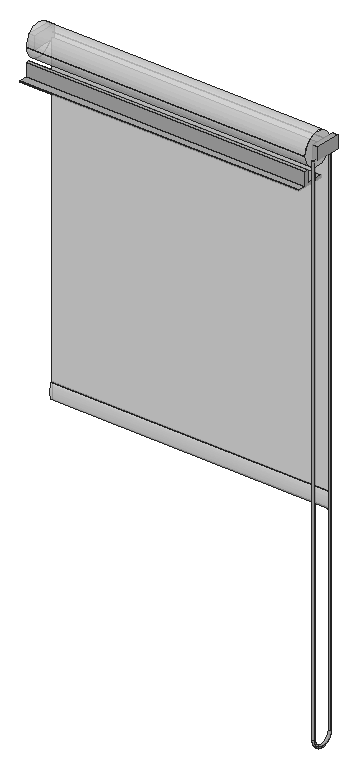
Revit family "Window-Treatment_Solar-Shade_SWFcontract_Manual-Single", category Specialty Equipment, Revit 2026
Family settings
  Round Connector Dimension = Use Diameter
  Part Type = Normal
  Classification Number = 23.30.60.14.21
  Work Plane-Based = Yes
  Enable Cutting in Views = No
  Always vertical = No
  Cut with Voids When Loaded = No
  Maintain Annotation Orientation = No
  Shared = No
  Room Calculation Point = No
Parameters
  rollrad [instance] = Roll Diameter / 2  # 0' - 1 97/128"
  pocketlipcontrol [instance] = if(Pocket with No Lip, 0' 0", 0' 0 1/2")  # 0' - 0 1/2"
  percentopen [instance] = (Unit Height - (SRoll CL Locate_Vertical + 0' 3")) - ((Unit Height - (SRoll CL Locate_Vertical + 0' 3")) * (Percent Open / 100))  # 2' - 9 1/2"
  fasciahcontrol = if(Fascia Height = 0' 0", 0' 1", Fascia Height)  # 0' - 5"
  fasciadcontrol = if(Fascia Depth = 0' 0", 0' 1", Fascia Depth)  # 0' - 3 97/128"
  exposedoverhead [instance] = and(Without Fascia, Mounted_Overhead)  # no
  exposedbracketdepth [instance] = SSExposed Bracket Height / 2  # 0' - 0 11/16"
  exposedwall [instance] = and(Without Fascia, Mounted_Wall)  # yes
  controlchainlocate = if(Blackout Option, 0' 2 1/4", 0' 0 1/4")  # 0' - 0 1/4"
  Without Fascia = yes
  With Fascia = not(Without Fascia)  # no
  Warranty Duration (Years) = 0
  Unit Width = 2' - 8"
  Unit Height = 6' - 0"
  Unit Depth = 2' - 8"
  URL = "http://www.swfcontract.com/Pages/Home.aspx"
  Specification = "http://www.arcat.com/sdspecs/htm/12490swf.htm"
  SpecWizard = "http://www.arcat.com/specwizard/clients/springsw.html?coid=46294"
  Shade Material [instance] = Fabric - SWFcontract - Solar as Specified
  Send Message = "http://www.arcat.com/users.pl?action=UserEmail&company=SWFcontract&coid=46294&rep=147&fax=&mf="
  Sales Information = "http://www.swfcontract.com/Pages/Contact-Us.aspx"
  Roll Inner Tube Diameter [instance] = 0' - 1 3/8"
  Roll Diameter [instance] = 0' - 3 33/64"
  SRoll CL Locate_Vertical = 0' - 2"
  SRoll CL Locate_Depth = 0' - 1.97363"
  Revision = "R1_03-2014"
  Projection from Host [instance] = 1' - 1"
  Product Properties = ""
  Product Data = "http://www.arcat.com/arcatcos/cos46/arc46294.html"
  Pocket with No Lip [instance] = no
  Pocket Closure Depth [instance] = 0' - 2 1/8"
  Pocket Closure = yes
  Percent Open [instance] = 50
  Mounted_Wall = yes
  Mounted_Overhead = not(Mounted_Wall)  # no
  Model = "As Specified"
  Manufacturer Website = "http://www.swfcontract.com/Pages/Home.aspx"
  Manufacturer Phone - Toll Free = "800-327-9798"
  Manufacturer Phone = ""
  Manufacturer Fax = ""
  Manufacturer Address = "7549 Graber Rd.  Middleton, WI 53562-1096"
  Manufacturer = "SWFcontract"
  Maintenance Schedule (Months) = 0
  Keynote = "12490"
  Installation-Fabrication = ""
  Installation Phase = ""
  Green Building-LEED = "http://www.arcat.com/green/clients/leed_data_46294.html"
  Fixture Material [instance] = Metal - Aluminum - SWFcontract - Finish as Specified
  Fascia Height = 0' - 5"
  Fascia Depth = 0' - 3 97/128"
  Fabric Inset = 0' - 0 9/16"
  SSExposed Bracket Height [instance] = Roll Inner Tube Diameter  # 0' - 1 3/8"
  Expected Lifespan (Years) = 0
  Drawn By = "Sumex Design, Inc. / Robert S. Weygant, CSI, CDT, SCIP"
  Description = "SWFcontract Window Treatment as Specified"
  Default Elevation = 0' - 0"
  Copyright = "©Arcat Inc."
  Control Chain Right [instance] = yes
  Control Chain Left [instance] = not(Control Chain Right)  # no
  Construction Details = "http://www.arcat.com/details/springsw/springsw.html?coid=46294"
  Blackout Option = no
  Assembly Code = "E2010320"
Reference planes (in)
  plane 1 "Vertical Surface": y = 0
  plane 2 "Bottom": z = 0
  plane 3 "Center (Left/Right)": x = 0
  plane 4 "Left": x = -16
  plane 5 "Right": x = 16
  plane 6 "Top": z = 72
  plane 7: y = -3.75781
  plane 8: z = 67
  plane 9: z = 70
  plane 10: y = -1.97363
  plane 11: x = -15.4375
  plane 12: x = 15.4375
  plane 13: z = 70.6875
  plane 14: z = 69.3125
  plane 15: z = 33.5
  plane 16: y = -2.66113
  plane 17: y = -1.28613
  plane 18: z = 67
Forms (in)
  Extrusion 1, solid, material "Fabric - SWFcontract - Solar as Specified" <- "Shade Material"
    sketch origin (0, 0, 0) x (0, 1, 0) y (0, 0, 1)
      loop
        circle (-2, 70) r 1.75781
    from -15.4375 to 15.4375
  Extrusion 2, solid, material "Metal - Aluminum - SWFcontract - Finish as Specified" <- "Fixture Material", visible <- "exposedwall"
    sketch origin (0, 0, 0) x (0, 1, 0) y (0, 0, 1)
      loop
        line (-2.66113, 69.3125) -> (0, 69.3125) -> (0, 70.6875) -> (-2.66113, 70.6875) -> (-2.66113, 69.3125)
    from 15.4375 to 16
  Extrusion 3, solid, material "Metal - Aluminum - SWFcontract - Finish as Specified" <- "Fixture Material", visible <- "exposedwall"
    sketch origin (0, 0, 0) x (0, 1, 0) y (0, 0, 1)
      loop
        line (-2.66113, 69.3125) -> (0, 69.3125) -> (0, 70.6875) -> (-2.66113, 70.6875) -> (-2.66113, 69.3125)
    from -16 to -15.4375
  Extrusion 4, solid, material "Metal - Aluminum - SWFcontract - Finish as Specified" <- "Fixture Material", visible <- "exposedoverhead"
    sketch origin (0, 0, 0) x (0, 1, 0) y (0, 0, 1)
      loop
        line (-2.66113, 69.3125) -> (-1.28613, 69.3125) -> (-1.28613, 72) -> (-2.66113, 72) -> (-2.66113, 69.3125)
    from 15.4375 to 16
  Extrusion 5, solid, material "Metal - Aluminum - SWFcontract - Finish as Specified" <- "Fixture Material", visible <- "exposedoverhead"
    sketch origin (0, 0, 0) x (0, 1, 0) y (0, 0, 1)
      loop
        line (-2.66113, 72) -> (-2.66113, 69.3125) -> (-1.28613, 69.3125) -> (-1.28613, 72) -> (-2.66113, 72)
    from -16 to -15.4375
  Sweep 6, solid, material "Metal - Aluminum - SWFcontract - Finish as Specified" <- "Fixture Material", visible <- "Control Chain Right"
    path origin (0, 0, 0) x (0, 1, 0) y (0, 0, 1)
      loop
        line (-0.75, 69.3125) -> (-0.75, 12)
        arc (-0.75, 12) -> (-1.87891, 10.87109) -> (-3.00781, 12) r 1.12891
        line (-3.00781, 12) -> (-3.00781, 69.3125)
    profile origin (0, -0.75, 40.65625) x (1, 0, 0) y (0, 1, 0)
      loop
        circle (15.75, 0) r 0.125
  Sweep 7, solid, material "Metal - Aluminum - SWFcontract - Finish as Specified" <- "Fixture Material", visible <- "Control Chain Left"
    path origin (0, 0, 0) x (0, 1, 0) y (0, 0, -1)
      loop
        line (-0.75, -69.3125) -> (-0.75, -12)
        arc (-0.75, -12) -> (-1.87891, -10.87109) -> (-3.00781, -12) r 1.12891
        line (-3.00781, -12) -> (-3.00781, -69.3125)
    profile origin (0, -0.75, 40.65625) x (-1, 0, 0) y (0, -1, 0)
      loop
        circle (15.75, 0) r 0.125
  Extrusion 8, solid, material "Fabric - SWFcontract - Solar as Specified" <- "Shade Material"
    sketch origin (0, 0, 0) x (0, 1, 0) y (0, 0, 1)
      loop
        line (-0.21582, 70) -> (-0.30957, 70) -> (-0.30957, 35.25)
        spline (-0.30957, 35.25) -> (-0.35001, 35.22019) -> (-0.38769, 35.13277) -> (-0.42005, 34.99372) -> (-0.44488, 34.8125) -> (-0.46049, 34.60147) -> (-0.46582, 34.375) -> (-0.46049, 34.14853) -> (-0.44488, 33.9375) -> (-0.42005, 33.75628) -> (-0.38769, 33.61723) -> (-0.35001, 33.52981) -> (-0.30957, 33.5)
        line (-0.30957, 33.5) -> (-0.21582, 33.5)
        spline (-0.21582, 33.5) -> (-0.1755, 33.52981) -> (-0.13792, 33.61723) -> (-0.10566, 33.75628) -> (-0.0809, 33.9375) -> (-0.06534, 34.14853) -> (-0.06003, 34.375) -> (-0.06534, 34.60147) -> (-0.0809, 34.8125) -> (-0.10566, 34.99372) -> (-0.13792, 35.13277) -> (-0.1755, 35.22019) -> (-0.21582, 35.25)
        line (-0.21582, 35.25) -> (-0.21582, 70)
    from -15.4375 to 15.4375
  Extrusion 9, solid, material "Metal - Aluminum - SWFcontract - Finish as Specified" <- "Fixture Material", visible <- "With Fascia"
    sketch origin (0, 0, 0) x (0, 1, 0) y (0, 0, 1)
      loop
        line (0, 72) -> (-3.75781, 72) -> (-3.75781, 67) -> (-1.63281, 67) -> (-1.63281, 68.25) -> (-0.15625, 68.25) -> (-0.15625, 67) -> (0, 67) -> (0, 72)
    from -15.4375 to 15.4375
  Extrusion 10, solid, material "Metal - Aluminum - SWFcontract - Finish as Specified" <- "Fixture Material", visible <- "Blackout Option"
    sketch origin (0, 0, 0) x (1, 0, 0) y (0, 0, 1)
      loop
        line (-16, 0) -> (16, 0) -> (16, 67) -> (14, 67) -> (14, 2) -> (-14, 2) -> (-14, 67) -> (-16, 67) -> (-16, 0)
    from 0 to 1
  Extrusion 11, solid, material "Metal - Aluminum - SWFcontract - Finish as Specified" <- "Fixture Material", visible <- "Pocket Closure"
    sketch origin (0, 0, 0) x (0, 1, 0) y (0, 0, 1)
      loop
        line (-1.63281, 67) -> (-1.63281, 67.25) -> (-3.38281, 67.25) -> (-3.38281, 68.5) -> (-3.75781, 68.5) -> (-3.75781, 67.0625) -> (-4.63281, 67.0625) -> (-4.63281, 67) -> (-1.63281, 67)
    from -15.4375 to 15.4375
  Extrusion 12, solid, material "Metal - Aluminum - SWFcontract - Finish as Specified" <- "Fixture Material", visible <- "With Fascia"
    sketch origin (0, 0, 0) x (0, 1, 0) y (0, 0, 1)
      loop
        line (-3.75781, 72) -> (-3.75781, 67) -> (0, 67) -> (0, 72) -> (-3.75781, 72)
    from 15.4375 to 16
  Extrusion 13, solid, material "Metal - Aluminum - SWFcontract - Finish as Specified" <- "Fixture Material", visible <- "With Fascia"
    sketch origin (0, 0, 0) x (0, 1, 0) y (0, 0, 1)
      loop
        line (-3.75781, 72) -> (-3.75781, 67) -> (0, 67) -> (0, 72) -> (-3.75781, 72)
    from -16 to -15.4375
  Extrusion 14, void
    sketch origin (0, 0, 0) x (0, 1, 0) y (0, 0, 1)
      loop
        line (-3.75781, 67.5) -> (-3.75781, 68) -> (-4.75781, 68) -> (-4.75781, 67.5) -> (-3.75781, 67.5)
    from -16 to 16
Cuts and joins
  Extrusion 14 cuts Extrusion 1
  Extrusion 14 cuts Extrusion 8
  joined: Extrusion 1, Extrusion 8
  Extrusion 14 cuts Extrusion 9
  Extrusion 14 cuts Extrusion 12
  Extrusion 14 cuts Extrusion 13
  joined: Extrusion 9, Extrusion 12, Extrusion 13
  Extrusion 14 cuts Extrusion 11
Dimensions and locks (in)
  equal spacing: plane 4 "Left", plane 3 "Center (Left/Right)", plane 5 "Right"
  "Unit Width": plane 4 "Left" to plane 5 "Right"
  "Unit Height": plane 6 "Top" to level
  locked: plane 7 to Extrusion 1 sketch curve at 0
  "Roll Diameter": Extrusion 1 sketch curve to Extrusion 1 sketch curve
  locked: plane 9 to Extrusion 1 sketch curve at 0
  "SRoll CL Locate_Depth": plane 10 to plane 1 "Vertical Surface"
  "SRoll CL Locate_Vertical": plane 6 "Top" to plane 9
  "Fabric Inset": plane 11 to plane 4 "Left"
  "Fabric Inset": plane 5 "Right" to plane 12
  "fasciahcontrol": plane 6 "Top" to plane 8
  "fasciadcontrol": plane 7 to plane 1 "Vertical Surface"
  equal spacing: plane 14, plane 9, plane 13
  "SSExposed Bracket Height": plane 14 to plane 13
  "exposedbracketdepth": Extrusion 2 sketch curve to plane 10
  "exposedbracketdepth": Extrusion 3 sketch curve to plane 10
  "percentopen": plane 18 to plane 15
  equal spacing: plane 16, plane 10, plane 17
  "SSExposed Bracket Height": plane 16 to plane 17
  "exposedbracketdepth": plane 9 to Extrusion 4 sketch curve
  "exposedbracketdepth": plane 9 to Extrusion 5 sketch curve
  locked: Sweep 6 sketch curve to level at 12
  locked: plane 7 to Sweep 6 sketch curve at 0.75
  locked: Sweep 6 sketch curve to plane 1 "Vertical Surface" at 0.75
  "controlchainlocate": Sweep 6 sketch curve to plane 5 "Right"
  locked: plane 7 to Sweep 7 sketch curve at 0.75
  locked: Sweep 7 sketch curve to plane 1 "Vertical Surface" at 0.75
  locked: Sweep 7 sketch curve to level at 12
  "controlchainlocate": plane 4 "Left" to Sweep 7 sketch curve
  "rollrad": plane 10 to Extrusion 8 sketch curve
  locked: Extrusion 8 sketch curve to Extrusion 8 sketch curve at 0.09375
  locked: Extrusion 8 sketch curve to Extrusion 8 sketch curve at 0.15579
  locked: Extrusion 8 sketch curve to Extrusion 8 sketch curve at 0.15625
  Extrusion 8 sketch curve to Extrusion 8 sketch curve to plane 15 = 0' - 0 7/8" locked, 0' - 0 7/8" locked  (x2)
  locked: Extrusion 10 sketch curve to level at 2
  locked: plane 5 "Right" to Extrusion 10 sketch curve at 2
  locked: Extrusion 10 sketch curve to plane 4 "Left" at 2
  locked: Extrusion 9 sketch curve to plane 1 "Vertical Surface" at 0.15625
  locked: plane 7 to Extrusion 9 sketch curve at 2.125
  locked: Extrusion 11 sketch curve to plane 7 at 0.875
  Extrusion 11 sketch curve to Extrusion 11 sketch curve to Extrusion 11 sketch curve to plane 8 = 0' - 1 1/4" locked, 0' - 0 3/16" locked, 0' - 0 1/16" locked
  "pocketlipcontrol": Extrusion 14 sketch curve to plane 8
  locked: Extrusion 14 sketch curve to plane 8 at 1
  locked: Extrusion 14 sketch curve to plane 7 at 1
  "Pocket Closure Depth": plane 7 to Extrusion 11 sketch curve
  locked: plane 9 to plane 18 at 3
  aligned and locked: plane 12 to Extrusion 1
  aligned and locked: Extrusion 1 to plane 11
  aligned and locked: plane 5 "Right" to Extrusion 2
  aligned and locked: Extrusion 2 to plane 12
  aligned and locked: Extrusion 2 to plane 13
  aligned and locked: plane 14 to Extrusion 2
  aligned and locked: Extrusion 3 to plane 4 "Left"
  aligned and locked: plane 11 to Extrusion 3
  aligned and locked: plane 1 "Vertical Surface" to Extrusion 2 sketch curve
  aligned and locked: plane 1 "Vertical Surface" to Extrusion 3 sketch curve
  aligned and locked: Extrusion 4 sketch curve to plane 16
  aligned and locked: plane 17 to Extrusion 4 sketch curve
  aligned and locked: plane 6 "Top" to Extrusion 4 sketch curve
  aligned and locked: plane 5 "Right" to Extrusion 4
  aligned and locked: Extrusion 4 to plane 12
  aligned and locked: plane 6 "Top" to Extrusion 5 sketch curve
  aligned and locked: plane 17 to Extrusion 5 sketch curve
  aligned and locked: Extrusion 5 sketch curve to plane 16
  aligned and locked: Extrusion 5 to plane 4 "Left"
  aligned and locked: plane 11 to Extrusion 5
  aligned and locked: plane 14 to Sweep 6 sketch curve  (x2)
  aligned and locked: plane 14 to Sweep 7 sketch curve  (x2)
  aligned and locked: plane 9 to Extrusion 8 sketch curve
  aligned and locked: Extrusion 8 to plane 11
  aligned and locked: Extrusion 8 to plane 12
  aligned and locked: Extrusion 8 sketch curve to plane 15
  aligned and locked: Extrusion 9 sketch curve to plane 8
  aligned and locked: Extrusion 9 sketch curve to plane 7
  aligned and locked: Extrusion 9 sketch curve to plane 1 "Vertical Surface"
  aligned and locked: plane 6 "Top" to Extrusion 9 sketch curve
  aligned: plane 5 "Right" to Extrusion 9
  aligned: Extrusion 9 to plane 4 "Left"
  aligned and locked: Extrusion 10 sketch curve to plane 4 "Left"
  aligned and locked: Extrusion 10 sketch curve to plane 5 "Right"
  aligned and locked: plane 8 to Extrusion 10 sketch curve
  aligned and locked: Extrusion 10 sketch curve to plane 8
  aligned and locked: plane 7 to Extrusion 11 sketch curve
  aligned: plane 5 "Right" to Extrusion 11
  aligned: Extrusion 11 to plane 4 "Left"
  aligned and locked: Extrusion 9 to plane 11
  aligned and locked: plane 12 to Extrusion 9
  aligned and locked: Extrusion 12 sketch curve to plane 6 "Top"
  aligned and locked: plane 1 "Vertical Surface" to Extrusion 12 sketch curve
  aligned and locked: plane 7 to Extrusion 12 sketch curve
  aligned and locked: plane 8 to Extrusion 12 sketch curve
  aligned and locked: plane 5 "Right" to Extrusion 12
  aligned and locked: Extrusion 12 to plane 12
  aligned and locked: plane 7 to Extrusion 13 sketch curve
  aligned and locked: Extrusion 13 sketch curve to plane 6 "Top"
  aligned and locked: plane 1 "Vertical Surface" to Extrusion 13 sketch curve
  aligned and locked: plane 8 to Extrusion 13 sketch curve
  aligned and locked: Extrusion 13 to plane 4 "Left"
  aligned and locked: plane 11 to Extrusion 13
  aligned and locked: Extrusion 11 to plane 11
  aligned and locked: plane 12 to Extrusion 11
  aligned and locked: plane 7 to Extrusion 14 sketch curve
  aligned and locked: plane 5 "Right" to Extrusion 14
  aligned and locked: Extrusion 14 to plane 4 "Left"
Automatic sketch dimensions
  plane 14 to Extrusion 2 sketch curve = 0' - 0"
  plane 13 to Extrusion 2 sketch curve = 0' - 0"
  plane 14 to Extrusion 3 sketch curve = 0' - 0"
  plane 13 to Extrusion 3 sketch curve = 0' - 0"
  profile plane to Sweep 6 sketch curve = 0' - 0"
  Sweep 7 sketch curve to profile plane = 0' - 0"
  Extrusion 10 sketch curve to level = 0' - 0"
  Extrusion 9 sketch curve to plane 8 = 0' - 0"
  plane 14 to Extrusion 9 sketch curve = 0' - 1 1/16"
  Extrusion 11 sketch curve to plane 8 = 0' - 0"
  Extrusion 11 sketch curve to Extrusion 11 sketch curve = 0' - 0 3/8"
  radius of Sweep 6 sketch curve = 0' - 0 1/8"
  radius of Sweep 7 sketch curve = 0' - 0 1/8"
